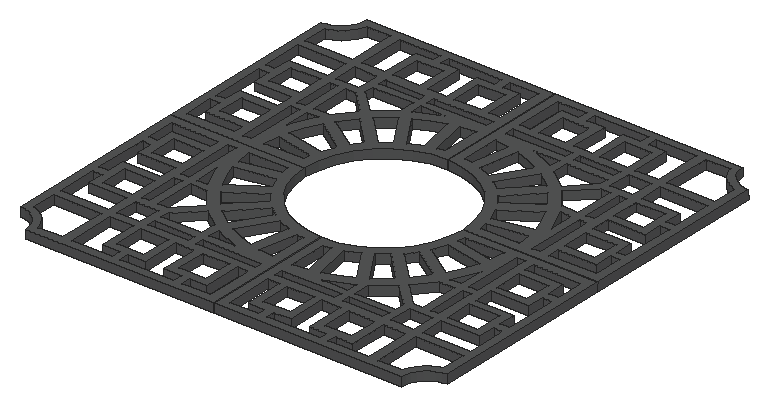
Revit family "Приствольная решётка (квадратная) Р-08", category Антураж, Revit 2017
Family settings
  На основе рабочей плоскости = Нет
  Всегда вертикально = Да
  При загрузке вырезать с полостями = Нет
  Источник визуального образа = Геометрия семейства
  Общий = Нет
  Точка расчета площади = Нет
Parameters (values of type "Приствольная решётка (квадратная) Р-08 1200x1200")
  Изготовитель = "ООО \"Хоббика\""
  Высота = 0 mm
  URL = "https://hobbyka.ru/product/pristvolnaya_reshetka_kvadratnaya_r08/?sphrase_id=70598"
  ADSK_Размер_Ширина = 1200 mm
  ADSK_Размер_Длина = 1200 mm
  ADSK_Размер_Высота = 25 mm
  ADSK_Наименование = "Приствольная решётка (квадратная) Р-08"
  ADSK_Материал решетки = Чугун, серый
  ADSK_Код изделия = "10270"
  1200x1200 = yes
  1000х1000 = no
Types (3, lengths in mm): name | ADSK_Размер_Ширина | ADSK_Размер_Длина | 1000х1000
  (no name) | 1200 | 1200 | no
  Приствольная решётка (квадратная) Р-08 1000x1000 | 1000 | 1000 | yes
  Приствольная решётка (квадратная) Р-08 1200x1200 | 1200 | 1200 | no
Reference planes
  plane 1 "По центру (Вперед/Назад)": y = 0
  plane 2: z = 0
  plane 3 "По центру (Влево/Вправо)": x = 0
Forms (mm)
  Extrusion 1, solid, material "Чугун, серый" <- "ADSK_Материал решетки", visible <- "1000х1000"
    sketch origin (0, 0, 0) x (1, 0, 0) y (0, 1, 0)
      loop
        line (185, 0) -> (500, 0) -> (500, 440)
        arc (500, 440) -> (457.574, 457.574) -> (440, 500) r 60
        line (440, 500) -> (0, 500) -> (0, 185)
        arc (0, 185) -> (130.815, 130.815) -> (185, 0) r 185
      loop
        line (131, 367.73) -> (131, 438.506) -> (67, 438.506) -> (67, 367.73) -> (131, 367.73)
      loop
        line (149, 458) -> (149, 367.73) -> (193, 367.73) -> (193, 458) -> (234, 458) -> (234, 480) -> (108, 480) -> (108, 458) -> (149, 458)
      loop
        line (49, 458) -> (90, 458) -> (90, 480) -> (22, 480) -> (22, 367.73) -> (49, 367.73) -> (49, 458)
      loop
        line (211, 438.506) -> (211, 367.73) -> (275, 367.73) -> (275, 438.506) -> (211, 438.506)
      loop
        line (293, 367.73) -> (347.73, 367.73) -> (347.73, 480) -> (252, 480) -> (252, 458) -> (293, 458) -> (293, 367.73)
      loop
        line (367.73, 480) -> (367.73, 367.73) -> (480, 367.73) -> (480, 422.54)
        arc (480, 422.54) -> (443.431, 443.431) -> (422.54, 480) r 80
        line (422.54, 480) -> (367.73, 480)
      loop
        line (22, 347.73) -> (22, 328) -> (162, 328) -> (162, 347.73) -> (22, 347.73)
      loop
        line (180, 347.73) -> (180, 328) -> (275, 328) -> (275, 347.73) -> (180, 347.73)
      loop
        line (293, 347.73) -> (293, 293) -> (348, 293) -> (348, 347.73) -> (293, 347.73)
      loop
        line (367.73, 275) -> (367.73, 211) -> (438.505, 211) -> (438.505, 275) -> (367.73, 275)
      loop
        line (367.73, 131) -> (367.73, 67) -> (438.505, 67) -> (438.505, 131) -> (367.73, 131)
      loop
        line (328, 162) -> (328, 22) -> (348, 22) -> (348, 162) -> (328, 162)
      loop
        line (328, 275) -> (328, 180) -> (348, 180) -> (348, 275) -> (328, 275)
      loop
        line (367.73, 347.73) -> (367.73, 293) -> (457.406, 293) -> (457.406, 252) -> (480, 252) -> (480, 347.73) -> (367.73, 347.73)
      loop
        line (457.406, 193) -> (367.73, 193) -> (367.73, 149) -> (457.406, 149) -> (457.406, 108) -> (480, 108) -> (480, 234) -> (457.406, 234) -> (457.406, 193)
      loop
        line (480, 22) -> (480, 90) -> (457.406, 90) -> (457.406, 49) -> (367.73, 49) -> (367.73, 22) -> (480, 22)
      loop
        line (310, 180) -> (310, 275) -> (287.619, 275) -> (236.848, 224.228)
        arc (236.848, 224.228) -> (255.375, 202.876) -> (271.984, 180) r 326.152
        line (271.984, 180) -> (310, 180)
      loop
        arc (283.074, 162) -> (298.083, 132.37) -> (310, 101.366) r 326.152
        line (310, 101.366) -> (310, 162) -> (283.074, 162)
      loop
        line (275, 287.619) -> (275, 310) -> (180, 310) -> (180, 271.984)
        arc (180, 271.984) -> (202.876, 255.375) -> (224.228, 236.848) r 326.152
        line (224.228, 236.848) -> (275, 287.619)
      loop
        line (162, 283.074) -> (162, 310) -> (101.366, 310)
        arc (101.366, 310) -> (132.37, 298.083) -> (162, 283.074) r 326.152
      loop
        line (208.844, 22) -> (299.192, 22)
        arc (299.192, 22) -> (297.275, 40.34) -> (294.236, 58.527) r 300
        line (294.236, 58.527) -> (205.965, 40.969)
        arc (205.965, 40.969) -> (207.621, 31.517) -> (208.844, 22) r 210
      loop
        line (22, 299.192) -> (22, 208.844)
        arc (22, 208.844) -> (31.517, 207.621) -> (40.969, 205.965) r 210
        line (40.969, 205.965) -> (58.527, 294.236)
        arc (58.527, 294.236) -> (40.34, 297.275) -> (22, 299.192) r 300
      loop
        line (81.703, 288.66) -> (64.065, 199.989)
        arc (64.065, 199.989) -> (80.601, 193.916) -> (96.569, 186.479) r 210
        line (96.569, 186.479) -> (146.17, 261.982)
        arc (146.17, 261.982) -> (114.715, 277.201) -> (81.703, 288.66) r 300
      loop
        line (166.671, 249.441) -> (116.67, 174.609)
        arc (116.67, 174.609) -> (128.569, 166.042) -> (139.841, 156.667) r 210
        line (139.841, 156.667) -> (203.552, 220.378)
        arc (203.552, 220.378) -> (185.681, 235.632) -> (166.671, 249.441) r 300
      loop
        arc (156.667, 139.841) -> (166.042, 128.569) -> (174.609, 116.67) r 210
        line (174.609, 116.67) -> (249.441, 166.671)
        arc (249.441, 166.671) -> (235.632, 185.681) -> (220.378, 203.552) r 300
        line (220.378, 203.552) -> (156.667, 139.841)
      loop
        line (261.886, 146.341) -> (186.715, 96.113)
        arc (186.715, 96.113) -> (194.113, 80.126) -> (200.145, 63.576) r 210
        line (200.145, 63.576) -> (288.607, 81.891)
        arc (288.607, 81.891) -> (277.126, 114.895) -> (261.886, 146.341) r 300
    from 0 to 25
  Extrusion 2, solid, material "Чугун, серый" <- "ADSK_Материал решетки", visible <- "1000х1000"
    sketch origin (0, 0, 0) x (-1, 0, 0) y (0, -1, 0)
      loop
        arc (185, 0) -> (130.815, -130.815) -> (0, -185) r 185
        line (0, -185) -> (0, -500) -> (440, -500)
        arc (440, -500) -> (457.574, -457.574) -> (500, -440) r 60
        line (500, -440) -> (500, 0) -> (185, 0)
      loop
        line (131, -367.73) -> (67, -367.73) -> (67, -438.506) -> (131, -438.506) -> (131, -367.73)
      loop
        line (149, -458) -> (108, -458) -> (108, -480) -> (234, -480) -> (234, -458) -> (193, -458) -> (193, -367.73) -> (149, -367.73) -> (149, -458)
      loop
        line (49, -458) -> (49, -367.73) -> (22, -367.73) -> (22, -480) -> (90, -480) -> (90, -458) -> (49, -458)
      loop
        line (211, -438.506) -> (275, -438.506) -> (275, -367.73) -> (211, -367.73) -> (211, -438.506)
      loop
        line (293, -367.73) -> (293, -458) -> (252, -458) -> (252, -480) -> (347.73, -480) -> (347.73, -367.73) -> (293, -367.73)
      loop
        line (367.73, -480) -> (422.54, -480)
        arc (422.54, -480) -> (443.431, -443.431) -> (480, -422.54) r 80
        line (480, -422.54) -> (480, -367.73) -> (367.73, -367.73) -> (367.73, -480)
      loop
        line (22, -347.73) -> (162, -347.73) -> (162, -328) -> (22, -328) -> (22, -347.73)
      loop
        line (180, -347.73) -> (275, -347.73) -> (275, -328) -> (180, -328) -> (180, -347.73)
      loop
        line (293, -347.73) -> (348, -347.73) -> (348, -293) -> (293, -293) -> (293, -347.73)
      loop
        line (367.73, -275) -> (438.505, -275) -> (438.505, -211) -> (367.73, -211) -> (367.73, -275)
      loop
        line (367.73, -131) -> (438.505, -131) -> (438.505, -67) -> (367.73, -67) -> (367.73, -131)
      loop
        line (328, -162) -> (348, -162) -> (348, -22) -> (328, -22) -> (328, -162)
      loop
        line (328, -275) -> (348, -275) -> (348, -180) -> (328, -180) -> (328, -275)
      loop
        line (367.73, -347.73) -> (480, -347.73) -> (480, -252) -> (457.406, -252) -> (457.406, -293) -> (367.73, -293) -> (367.73, -347.73)
      loop
        line (457.406, -193) -> (457.406, -234) -> (480, -234) -> (480, -108) -> (457.406, -108) -> (457.406, -149) -> (367.73, -149) -> (367.73, -193) -> (457.406, -193)
      loop
        line (480, -22) -> (367.73, -22) -> (367.73, -49) -> (457.406, -49) -> (457.406, -90) -> (480, -90) -> (480, -22)
      loop
        line (310, -180) -> (271.984, -180)
        arc (271.984, -180) -> (255.375, -202.876) -> (236.848, -224.228) r 326.152
        line (236.848, -224.228) -> (287.619, -275) -> (310, -275) -> (310, -180)
      loop
        line (283.074, -162) -> (310, -162) -> (310, -101.366)
        arc (310, -101.366) -> (298.083, -132.37) -> (283.074, -162) r 326.152
      loop
        line (275, -287.619) -> (224.228, -236.848)
        arc (224.228, -236.848) -> (202.876, -255.375) -> (180, -271.984) r 326.152
        line (180, -271.984) -> (180, -310) -> (275, -310) -> (275, -287.619)
      loop
        arc (162, -283.074) -> (132.37, -298.083) -> (101.366, -310) r 326.152
        line (101.366, -310) -> (162, -310) -> (162, -283.074)
      loop
        arc (208.844, -22) -> (207.621, -31.517) -> (205.965, -40.969) r 210
        line (205.965, -40.969) -> (294.236, -58.527)
        arc (294.236, -58.527) -> (297.275, -40.34) -> (299.192, -22) r 300
        line (299.192, -22) -> (208.844, -22)
      loop
        arc (22, -299.192) -> (40.34, -297.275) -> (58.527, -294.236) r 300
        line (58.527, -294.236) -> (40.969, -205.965)
        arc (40.969, -205.965) -> (31.517, -207.621) -> (22, -208.844) r 210
        line (22, -208.844) -> (22, -299.192)
      loop
        arc (81.703, -288.66) -> (114.715, -277.201) -> (146.17, -261.982) r 300
        line (146.17, -261.982) -> (96.569, -186.479)
        arc (96.569, -186.479) -> (80.601, -193.916) -> (64.065, -199.989) r 210
        line (64.065, -199.989) -> (81.703, -288.66)
      loop
        arc (166.671, -249.441) -> (185.681, -235.632) -> (203.552, -220.378) r 300
        line (203.552, -220.378) -> (139.841, -156.667)
        arc (139.841, -156.667) -> (128.569, -166.042) -> (116.67, -174.609) r 210
        line (116.67, -174.609) -> (166.671, -249.441)
      loop
        line (156.667, -139.841) -> (220.378, -203.552)
        arc (220.378, -203.552) -> (235.632, -185.681) -> (249.441, -166.671) r 300
        line (249.441, -166.671) -> (174.609, -116.67)
        arc (174.609, -116.67) -> (166.042, -128.569) -> (156.667, -139.841) r 210
      loop
        arc (261.886, -146.341) -> (277.126, -114.895) -> (288.607, -81.891) r 300
        line (288.607, -81.891) -> (200.145, -63.576)
        arc (200.145, -63.576) -> (194.113, -80.126) -> (186.715, -96.113) r 210
        line (186.715, -96.113) -> (261.886, -146.341)
    from 0 to 25
  Extrusion 3, solid, material "Чугун, серый" <- "ADSK_Материал решетки", visible <- "1000х1000"
    sketch origin (0, 0, 0) x (1, 0, 0) y (0, 1, 0)
      loop
        arc (185, 0) -> (130.815, -130.815) -> (0, -185) r 185
        line (0, -185) -> (0, -500) -> (440, -500)
        arc (440, -500) -> (457.574, -457.574) -> (500, -440) r 60
        line (500, -440) -> (500, 0) -> (185, 0)
      loop
        line (131, -367.73) -> (67, -367.73) -> (67, -438.506) -> (131, -438.506) -> (131, -367.73)
      loop
        line (149, -458) -> (108, -458) -> (108, -480) -> (234, -480) -> (234, -458) -> (193, -458) -> (193, -367.73) -> (149, -367.73) -> (149, -458)
      loop
        line (49, -458) -> (49, -367.73) -> (22, -367.73) -> (22, -480) -> (90, -480) -> (90, -458) -> (49, -458)
      loop
        line (211, -438.506) -> (275, -438.506) -> (275, -367.73) -> (211, -367.73) -> (211, -438.506)
      loop
        line (293, -367.73) -> (293, -458) -> (252, -458) -> (252, -480) -> (347.73, -480) -> (347.73, -367.73) -> (293, -367.73)
      loop
        line (367.73, -480) -> (422.54, -480)
        arc (422.54, -480) -> (443.431, -443.431) -> (480, -422.54) r 80
        line (480, -422.54) -> (480, -367.73) -> (367.73, -367.73) -> (367.73, -480)
      loop
        line (22, -347.73) -> (162, -347.73) -> (162, -328) -> (22, -328) -> (22, -347.73)
      loop
        line (180, -347.73) -> (275, -347.73) -> (275, -328) -> (180, -328) -> (180, -347.73)
      loop
        line (293, -347.73) -> (348, -347.73) -> (348, -293) -> (293, -293) -> (293, -347.73)
      loop
        line (367.73, -275) -> (438.505, -275) -> (438.505, -211) -> (367.73, -211) -> (367.73, -275)
      loop
        line (367.73, -131) -> (438.505, -131) -> (438.505, -67) -> (367.73, -67) -> (367.73, -131)
      loop
        line (328, -162) -> (348, -162) -> (348, -22) -> (328, -22) -> (328, -162)
      loop
        line (328, -275) -> (348, -275) -> (348, -180) -> (328, -180) -> (328, -275)
      loop
        line (367.73, -347.73) -> (480, -347.73) -> (480, -252) -> (457.406, -252) -> (457.406, -293) -> (367.73, -293) -> (367.73, -347.73)
      loop
        line (457.406, -193) -> (457.406, -234) -> (480, -234) -> (480, -108) -> (457.406, -108) -> (457.406, -149) -> (367.73, -149) -> (367.73, -193) -> (457.406, -193)
      loop
        line (480, -22) -> (367.73, -22) -> (367.73, -49) -> (457.406, -49) -> (457.406, -90) -> (480, -90) -> (480, -22)
      loop
        line (310, -180) -> (271.984, -180)
        arc (271.984, -180) -> (255.375, -202.876) -> (236.848, -224.228) r 326.152
        line (236.848, -224.228) -> (287.619, -275) -> (310, -275) -> (310, -180)
      loop
        line (283.074, -162) -> (310, -162) -> (310, -101.366)
        arc (310, -101.366) -> (298.083, -132.37) -> (283.074, -162) r 326.152
      loop
        line (275, -287.619) -> (224.228, -236.848)
        arc (224.228, -236.848) -> (202.876, -255.375) -> (180, -271.984) r 326.152
        line (180, -271.984) -> (180, -310) -> (275, -310) -> (275, -287.619)
      loop
        arc (162, -283.074) -> (132.37, -298.083) -> (101.366, -310) r 326.152
        line (101.366, -310) -> (162, -310) -> (162, -283.074)
      loop
        arc (208.844, -22) -> (207.621, -31.517) -> (205.965, -40.969) r 210
        line (205.965, -40.969) -> (294.236, -58.527)
        arc (294.236, -58.527) -> (297.275, -40.34) -> (299.192, -22) r 300
        line (299.192, -22) -> (208.844, -22)
      loop
        arc (22, -299.192) -> (40.34, -297.275) -> (58.527, -294.236) r 300
        line (58.527, -294.236) -> (40.969, -205.965)
        arc (40.969, -205.965) -> (31.517, -207.621) -> (22, -208.844) r 210
        line (22, -208.844) -> (22, -299.192)
      loop
        arc (81.703, -288.66) -> (114.715, -277.201) -> (146.17, -261.982) r 300
        line (146.17, -261.982) -> (96.569, -186.479)
        arc (96.569, -186.479) -> (80.601, -193.916) -> (64.065, -199.989) r 210
        line (64.065, -199.989) -> (81.703, -288.66)
      loop
        arc (166.671, -249.441) -> (185.681, -235.632) -> (203.552, -220.378) r 300
        line (203.552, -220.378) -> (139.841, -156.667)
        arc (139.841, -156.667) -> (128.569, -166.042) -> (116.67, -174.609) r 210
        line (116.67, -174.609) -> (166.671, -249.441)
      loop
        line (156.667, -139.841) -> (220.378, -203.552)
        arc (220.378, -203.552) -> (235.632, -185.681) -> (249.441, -166.671) r 300
        line (249.441, -166.671) -> (174.609, -116.67)
        arc (174.609, -116.67) -> (166.042, -128.569) -> (156.667, -139.841) r 210
      loop
        arc (261.886, -146.341) -> (277.126, -114.895) -> (288.607, -81.891) r 300
        line (288.607, -81.891) -> (200.145, -63.576)
        arc (200.145, -63.576) -> (194.113, -80.126) -> (186.715, -96.113) r 210
        line (186.715, -96.113) -> (261.886, -146.341)
    from 0 to 25
  Extrusion 4, solid, material "Чугун, серый" <- "ADSK_Материал решетки", visible <- "1000х1000"
    sketch origin (0, 0, 0) x (-1, 0, 0) y (0, -1, 0)
      loop
        line (185, 0) -> (500, 0) -> (500, 440)
        arc (500, 440) -> (457.574, 457.574) -> (440, 500) r 60
        line (440, 500) -> (0, 500) -> (0, 185)
        arc (0, 185) -> (130.815, 130.815) -> (185, 0) r 185
      loop
        line (131, 367.73) -> (131, 438.506) -> (67, 438.506) -> (67, 367.73) -> (131, 367.73)
      loop
        line (149, 458) -> (149, 367.73) -> (193, 367.73) -> (193, 458) -> (234, 458) -> (234, 480) -> (108, 480) -> (108, 458) -> (149, 458)
      loop
        line (49, 458) -> (90, 458) -> (90, 480) -> (22, 480) -> (22, 367.73) -> (49, 367.73) -> (49, 458)
      loop
        line (211, 438.506) -> (211, 367.73) -> (275, 367.73) -> (275, 438.506) -> (211, 438.506)
      loop
        line (293, 367.73) -> (347.73, 367.73) -> (347.73, 480) -> (252, 480) -> (252, 458) -> (293, 458) -> (293, 367.73)
      loop
        line (367.73, 480) -> (367.73, 367.73) -> (480, 367.73) -> (480, 422.54)
        arc (480, 422.54) -> (443.431, 443.431) -> (422.54, 480) r 80
        line (422.54, 480) -> (367.73, 480)
      loop
        line (22, 347.73) -> (22, 328) -> (162, 328) -> (162, 347.73) -> (22, 347.73)
      loop
        line (180, 347.73) -> (180, 328) -> (275, 328) -> (275, 347.73) -> (180, 347.73)
      loop
        line (293, 347.73) -> (293, 293) -> (348, 293) -> (348, 347.73) -> (293, 347.73)
      loop
        line (367.73, 275) -> (367.73, 211) -> (438.505, 211) -> (438.505, 275) -> (367.73, 275)
      loop
        line (367.73, 131) -> (367.73, 67) -> (438.505, 67) -> (438.505, 131) -> (367.73, 131)
      loop
        line (328, 162) -> (328, 22) -> (348, 22) -> (348, 162) -> (328, 162)
      loop
        line (328, 275) -> (328, 180) -> (348, 180) -> (348, 275) -> (328, 275)
      loop
        line (367.73, 347.73) -> (367.73, 293) -> (457.406, 293) -> (457.406, 252) -> (480, 252) -> (480, 347.73) -> (367.73, 347.73)
      loop
        line (457.406, 193) -> (367.73, 193) -> (367.73, 149) -> (457.406, 149) -> (457.406, 108) -> (480, 108) -> (480, 234) -> (457.406, 234) -> (457.406, 193)
      loop
        line (480, 22) -> (480, 90) -> (457.406, 90) -> (457.406, 49) -> (367.73, 49) -> (367.73, 22) -> (480, 22)
      loop
        line (310, 180) -> (310, 275) -> (287.619, 275) -> (236.848, 224.228)
        arc (236.848, 224.228) -> (255.375, 202.876) -> (271.984, 180) r 326.152
        line (271.984, 180) -> (310, 180)
      loop
        arc (283.074, 162) -> (298.083, 132.37) -> (310, 101.366) r 326.152
        line (310, 101.366) -> (310, 162) -> (283.074, 162)
      loop
        line (275, 287.619) -> (275, 310) -> (180, 310) -> (180, 271.984)
        arc (180, 271.984) -> (202.876, 255.375) -> (224.228, 236.848) r 326.152
        line (224.228, 236.848) -> (275, 287.619)
      loop
        line (162, 283.074) -> (162, 310) -> (101.366, 310)
        arc (101.366, 310) -> (132.37, 298.083) -> (162, 283.074) r 326.152
      loop
        line (208.844, 22) -> (299.192, 22)
        arc (299.192, 22) -> (297.275, 40.34) -> (294.236, 58.527) r 300
        line (294.236, 58.527) -> (205.965, 40.969)
        arc (205.965, 40.969) -> (207.621, 31.517) -> (208.844, 22) r 210
      loop
        line (22, 299.192) -> (22, 208.844)
        arc (22, 208.844) -> (31.517, 207.621) -> (40.969, 205.965) r 210
        line (40.969, 205.965) -> (58.527, 294.236)
        arc (58.527, 294.236) -> (40.34, 297.275) -> (22, 299.192) r 300
      loop
        line (81.703, 288.66) -> (64.065, 199.989)
        arc (64.065, 199.989) -> (80.601, 193.916) -> (96.569, 186.479) r 210
        line (96.569, 186.479) -> (146.17, 261.982)
        arc (146.17, 261.982) -> (114.715, 277.201) -> (81.703, 288.66) r 300
      loop
        line (166.671, 249.441) -> (116.67, 174.609)
        arc (116.67, 174.609) -> (128.569, 166.042) -> (139.841, 156.667) r 210
        line (139.841, 156.667) -> (203.552, 220.378)
        arc (203.552, 220.378) -> (185.681, 235.632) -> (166.671, 249.441) r 300
      loop
        arc (156.667, 139.841) -> (166.042, 128.569) -> (174.609, 116.67) r 210
        line (174.609, 116.67) -> (249.441, 166.671)
        arc (249.441, 166.671) -> (235.632, 185.681) -> (220.378, 203.552) r 300
        line (220.378, 203.552) -> (156.667, 139.841)
      loop
        line (261.886, 146.341) -> (186.715, 96.113)
        arc (186.715, 96.113) -> (194.113, 80.126) -> (200.145, 63.576) r 210
        line (200.145, 63.576) -> (288.607, 81.891)
        arc (288.607, 81.891) -> (277.126, 114.895) -> (261.886, 146.341) r 300
    from 0 to 25
  Extrusion 5, solid, material "Чугун, серый" <- "ADSK_Материал решетки", visible <- "1200x1200"
    sketch origin (0, 0, 0) x (1, 0, 0) y (0, 1, 0)
      loop
        line (0, 600) -> (0, 222)
        arc (0, 222) -> (156.978, 156.978) -> (222, 0) r 222
        line (222, 0) -> (600, 0) -> (600, 528)
        arc (600, 528) -> (549.088, 549.088) -> (528, 600) r 72
        line (528, 600) -> (0, 600)
      loop
        arc (576, 511.186) -> (534.946, 534.946) -> (511.186, 576) r 92
        line (511.186, 576) -> (441.276, 576) -> (441.276, 441.276) -> (576, 441.276) -> (576, 511.186)
      loop
        line (417.276, 576) -> (302.4, 576) -> (302.4, 549.6) -> (351.6, 549.6) -> (351.6, 441.276) -> (417.276, 441.276) -> (417.276, 576)
      loop
        line (280.8, 576) -> (129.6, 576) -> (129.6, 549.6) -> (178.8, 549.6) -> (178.8, 441.276) -> (231.6, 441.276) -> (231.6, 549.6) -> (280.8, 549.6) -> (280.8, 576)
      loop
        line (26.4, 576) -> (26.4, 441.276) -> (58.8, 441.276) -> (58.8, 549.6) -> (108, 549.6) -> (108, 576) -> (26.4, 576)
      loop
        line (80.4, 526.207) -> (80.4, 441.276) -> (157.2, 441.276) -> (157.2, 526.207) -> (80.4, 526.207)
      loop
        line (253.2, 526.207) -> (253.2, 441.276) -> (330, 441.276) -> (330, 526.207) -> (253.2, 526.207)
      loop
        line (26.4, 417.276) -> (26.4, 393.6) -> (194.4, 393.6) -> (194.4, 417.276) -> (26.4, 417.276)
      loop
        line (216, 417.276) -> (216, 393.6) -> (330, 393.6) -> (330, 417.276) -> (216, 417.276)
      loop
        line (351.6, 417.276) -> (351.6, 351.6) -> (417.276, 351.6) -> (417.276, 417.276) -> (351.6, 417.276)
      loop
        line (393.6, 330) -> (393.6, 216) -> (417.276, 216) -> (417.276, 330) -> (393.6, 330)
      loop
        line (393.6, 194.4) -> (393.6, 26.4) -> (417.276, 26.4) -> (417.276, 194.4) -> (393.6, 194.4)
      loop
        line (441.276, 417.276) -> (441.276, 351.6) -> (548.887, 351.6) -> (548.887, 302.4) -> (576, 302.4) -> (576, 417.276) -> (441.276, 417.276)
      loop
        line (526.207, 330) -> (441.276, 330) -> (441.276, 253.2) -> (526.207, 253.2) -> (526.207, 330)
      loop
        line (576, 280.8) -> (548.887, 280.8) -> (548.887, 231.6) -> (441.276, 231.6) -> (441.276, 178.8) -> (548.887, 178.8) -> (548.887, 129.6) -> (576, 129.6) -> (576, 280.8)
      loop
        line (526.207, 157.2) -> (441.276, 157.2) -> (441.276, 80.4) -> (526.207, 80.4) -> (526.207, 157.2)
      loop
        line (576, 108) -> (548.887, 108) -> (548.887, 58.8) -> (441.276, 58.8) -> (441.276, 26.4) -> (576, 26.4) -> (576, 108)
      loop
        line (372, 121.64) -> (372, 194.4) -> (339.689, 194.4)
        arc (339.689, 194.4) -> (357.699, 158.844) -> (372, 121.64) r 391.382
      loop
        line (372, 216) -> (372, 330) -> (345.143, 330) -> (284.217, 269.074)
        arc (284.217, 269.074) -> (306.45, 243.452) -> (326.38, 216) r 391.382
        line (326.38, 216) -> (372, 216)
      loop
        line (330, 345.143) -> (330, 372) -> (216, 372) -> (216, 326.38)
        arc (216, 326.38) -> (243.452, 306.45) -> (269.074, 284.217) r 391.382
        line (269.074, 284.217) -> (330, 345.143)
      loop
        line (194.4, 339.689) -> (194.4, 372) -> (121.64, 372)
        arc (121.64, 372) -> (158.844, 357.699) -> (194.4, 339.689) r 391.382
      loop
        arc (359.031, 26.4) -> (356.731, 48.408) -> (353.083, 70.233) r 360
        line (353.083, 70.233) -> (245.196, 48.773)
        arc (245.196, 48.773) -> (247.153, 37.625) -> (248.602, 26.4) r 250
        line (248.602, 26.4) -> (359.031, 26.4)
      loop
        line (26.4, 359.031) -> (26.4, 248.602)
        arc (26.4, 248.602) -> (37.625, 247.153) -> (48.773, 245.196) r 250
        line (48.773, 245.196) -> (70.233, 353.083)
        arc (70.233, 353.083) -> (48.408, 356.731) -> (26.4, 359.031) r 360
      loop
        line (98.044, 346.392) -> (76.486, 238.012)
        arc (76.486, 238.012) -> (95.963, 230.849) -> (114.779, 222.094) r 250
        line (114.779, 222.094) -> (175.404, 314.378)
        arc (175.404, 314.378) -> (137.658, 332.641) -> (98.044, 346.392) r 360
      loop
        line (200.005, 299.329) -> (138.893, 207.867)
        arc (138.893, 207.867) -> (153.013, 197.704) -> (166.393, 186.583) r 250
        line (166.393, 186.583) -> (244.263, 264.453)
        arc (244.263, 264.453) -> (222.818, 282.758) -> (200.005, 299.329) r 360
      loop
        arc (186.583, 166.393) -> (197.704, 153.013) -> (207.867, 138.893) r 250
        line (207.867, 138.893) -> (299.329, 200.005)
        arc (299.329, 200.005) -> (282.758, 222.818) -> (264.453, 244.263) r 360
        line (264.453, 244.263) -> (186.583, 166.393)
      loop
        line (314.264, 175.609) -> (222.384, 114.217)
        arc (222.384, 114.217) -> (231.091, 95.379) -> (238.205, 75.883) r 250
        line (238.205, 75.883) -> (346.328, 98.269)
        arc (346.328, 98.269) -> (332.552, 137.874) -> (314.264, 175.609) r 360
    from 0 to 25
  Extrusion 6, solid, material "Чугун, серый" <- "ADSK_Материал решетки", visible <- "1200x1200"
    sketch origin (0, 0, 0) x (-1, 0, 0) y (0, -1, 0)
      loop
        line (0, -600) -> (528, -600)
        arc (528, -600) -> (549.088, -549.088) -> (600, -528) r 72
        line (600, -528) -> (600, 0) -> (222, 0)
        arc (222, 0) -> (156.978, -156.978) -> (0, -222) r 222
        line (0, -222) -> (0, -600)
      loop
        line (576, -511.186) -> (576, -441.276) -> (441.276, -441.276) -> (441.276, -576) -> (511.186, -576)
        arc (511.186, -576) -> (534.946, -534.946) -> (576, -511.186) r 92
      loop
        line (417.276, -576) -> (417.276, -441.276) -> (351.6, -441.276) -> (351.6, -549.6) -> (302.4, -549.6) -> (302.4, -576) -> (417.276, -576)
      loop
        line (280.8, -576) -> (280.8, -549.6) -> (231.6, -549.6) -> (231.6, -441.276) -> (178.8, -441.276) -> (178.8, -549.6) -> (129.6, -549.6) -> (129.6, -576) -> (280.8, -576)
      loop
        line (26.4, -576) -> (108, -576) -> (108, -549.6) -> (58.8, -549.6) -> (58.8, -441.276) -> (26.4, -441.276) -> (26.4, -576)
      loop
        line (80.4, -526.207) -> (157.2, -526.207) -> (157.2, -441.276) -> (80.4, -441.276) -> (80.4, -526.207)
      loop
        line (253.2, -526.207) -> (330, -526.207) -> (330, -441.276) -> (253.2, -441.276) -> (253.2, -526.207)
      loop
        line (26.4, -417.276) -> (194.4, -417.276) -> (194.4, -393.6) -> (26.4, -393.6) -> (26.4, -417.276)
      loop
        line (216, -417.276) -> (330, -417.276) -> (330, -393.6) -> (216, -393.6) -> (216, -417.276)
      loop
        line (351.6, -417.276) -> (417.276, -417.276) -> (417.276, -351.6) -> (351.6, -351.6) -> (351.6, -417.276)
      loop
        line (393.6, -330) -> (417.276, -330) -> (417.276, -216) -> (393.6, -216) -> (393.6, -330)
      loop
        line (393.6, -194.4) -> (417.276, -194.4) -> (417.276, -26.4) -> (393.6, -26.4) -> (393.6, -194.4)
      loop
        line (441.276, -417.276) -> (576, -417.276) -> (576, -302.4) -> (548.887, -302.4) -> (548.887, -351.6) -> (441.276, -351.6) -> (441.276, -417.276)
      loop
        line (526.207, -330) -> (526.207, -253.2) -> (441.276, -253.2) -> (441.276, -330) -> (526.207, -330)
      loop
        line (576, -280.8) -> (576, -129.6) -> (548.887, -129.6) -> (548.887, -178.8) -> (441.276, -178.8) -> (441.276, -231.6) -> (548.887, -231.6) -> (548.887, -280.8) -> (576, -280.8)
      loop
        line (526.207, -157.2) -> (526.207, -80.4) -> (441.276, -80.4) -> (441.276, -157.2) -> (526.207, -157.2)
      loop
        line (576, -108) -> (576, -26.4) -> (441.276, -26.4) -> (441.276, -58.8) -> (548.887, -58.8) -> (548.887, -108) -> (576, -108)
      loop
        arc (372, -121.64) -> (357.699, -158.844) -> (339.689, -194.4) r 391.382
        line (339.689, -194.4) -> (372, -194.4) -> (372, -121.64)
      loop
        line (372, -216) -> (326.38, -216)
        arc (326.38, -216) -> (306.45, -243.452) -> (284.217, -269.074) r 391.382
        line (284.217, -269.074) -> (345.143, -330) -> (372, -330) -> (372, -216)
      loop
        line (330, -345.143) -> (269.074, -284.217)
        arc (269.074, -284.217) -> (243.452, -306.45) -> (216, -326.38) r 391.382
        line (216, -326.38) -> (216, -372) -> (330, -372) -> (330, -345.143)
      loop
        arc (194.4, -339.689) -> (158.844, -357.699) -> (121.64, -372) r 391.382
        line (121.64, -372) -> (194.4, -372) -> (194.4, -339.689)
      loop
        line (359.031, -26.4) -> (248.602, -26.4)
        arc (248.602, -26.4) -> (247.153, -37.625) -> (245.196, -48.773) r 250
        line (245.196, -48.773) -> (353.083, -70.233)
        arc (353.083, -70.233) -> (356.731, -48.408) -> (359.031, -26.4) r 360
      loop
        arc (26.4, -359.031) -> (48.408, -356.731) -> (70.233, -353.083) r 360
        line (70.233, -353.083) -> (48.773, -245.196)
        arc (48.773, -245.196) -> (37.625, -247.153) -> (26.4, -248.602) r 250
        line (26.4, -248.602) -> (26.4, -359.031)
      loop
        arc (98.044, -346.392) -> (137.658, -332.641) -> (175.404, -314.378) r 360
        line (175.404, -314.378) -> (114.779, -222.094)
        arc (114.779, -222.094) -> (95.963, -230.849) -> (76.486, -238.012) r 250
        line (76.486, -238.012) -> (98.044, -346.392)
      loop
        arc (200.005, -299.329) -> (222.818, -282.758) -> (244.263, -264.453) r 360
        line (244.263, -264.453) -> (166.393, -186.583)
        arc (166.393, -186.583) -> (153.013, -197.704) -> (138.893, -207.867) r 250
        line (138.893, -207.867) -> (200.005, -299.329)
      loop
        line (186.583, -166.393) -> (264.453, -244.263)
        arc (264.453, -244.263) -> (282.758, -222.818) -> (299.329, -200.005) r 360
        line (299.329, -200.005) -> (207.867, -138.893)
        arc (207.867, -138.893) -> (197.704, -153.013) -> (186.583, -166.393) r 250
      loop
        arc (314.264, -175.609) -> (332.552, -137.874) -> (346.328, -98.269) r 360
        line (346.328, -98.269) -> (238.205, -75.883)
        arc (238.205, -75.883) -> (231.091, -95.379) -> (222.384, -114.217) r 250
        line (222.384, -114.217) -> (314.264, -175.609)
    from 0 to 25
  Extrusion 7, solid, material "Чугун, серый" <- "ADSK_Материал решетки", visible <- "1200x1200"
    sketch origin (0, 0, 0) x (1, 0, 0) y (0, 1, 0)
      loop
        line (0, -600) -> (528, -600)
        arc (528, -600) -> (549.088, -549.088) -> (600, -528) r 72
        line (600, -528) -> (600, 0) -> (222, 0)
        arc (222, 0) -> (156.978, -156.978) -> (0, -222) r 222
        line (0, -222) -> (0, -600)
      loop
        line (576, -511.186) -> (576, -441.276) -> (441.276, -441.276) -> (441.276, -576) -> (511.186, -576)
        arc (511.186, -576) -> (534.946, -534.946) -> (576, -511.186) r 92
      loop
        line (417.276, -576) -> (417.276, -441.276) -> (351.6, -441.276) -> (351.6, -549.6) -> (302.4, -549.6) -> (302.4, -576) -> (417.276, -576)
      loop
        line (280.8, -576) -> (280.8, -549.6) -> (231.6, -549.6) -> (231.6, -441.276) -> (178.8, -441.276) -> (178.8, -549.6) -> (129.6, -549.6) -> (129.6, -576) -> (280.8, -576)
      loop
        line (26.4, -576) -> (108, -576) -> (108, -549.6) -> (58.8, -549.6) -> (58.8, -441.276) -> (26.4, -441.276) -> (26.4, -576)
      loop
        line (80.4, -526.207) -> (157.2, -526.207) -> (157.2, -441.276) -> (80.4, -441.276) -> (80.4, -526.207)
      loop
        line (253.2, -526.207) -> (330, -526.207) -> (330, -441.276) -> (253.2, -441.276) -> (253.2, -526.207)
      loop
        line (26.4, -417.276) -> (194.4, -417.276) -> (194.4, -393.6) -> (26.4, -393.6) -> (26.4, -417.276)
      loop
        line (216, -417.276) -> (330, -417.276) -> (330, -393.6) -> (216, -393.6) -> (216, -417.276)
      loop
        line (351.6, -417.276) -> (417.276, -417.276) -> (417.276, -351.6) -> (351.6, -351.6) -> (351.6, -417.276)
      loop
        line (393.6, -330) -> (417.276, -330) -> (417.276, -216) -> (393.6, -216) -> (393.6, -330)
      loop
        line (393.6, -194.4) -> (417.276, -194.4) -> (417.276, -26.4) -> (393.6, -26.4) -> (393.6, -194.4)
      loop
        line (441.276, -417.276) -> (576, -417.276) -> (576, -302.4) -> (548.887, -302.4) -> (548.887, -351.6) -> (441.276, -351.6) -> (441.276, -417.276)
      loop
        line (526.207, -330) -> (526.207, -253.2) -> (441.276, -253.2) -> (441.276, -330) -> (526.207, -330)
      loop
        line (576, -280.8) -> (576, -129.6) -> (548.887, -129.6) -> (548.887, -178.8) -> (441.276, -178.8) -> (441.276, -231.6) -> (548.887, -231.6) -> (548.887, -280.8) -> (576, -280.8)
      loop
        line (526.207, -157.2) -> (526.207, -80.4) -> (441.276, -80.4) -> (441.276, -157.2) -> (526.207, -157.2)
      loop
        line (576, -108) -> (576, -26.4) -> (441.276, -26.4) -> (441.276, -58.8) -> (548.887, -58.8) -> (548.887, -108) -> (576, -108)
      loop
        arc (372, -121.64) -> (357.699, -158.844) -> (339.689, -194.4) r 391.382
        line (339.689, -194.4) -> (372, -194.4) -> (372, -121.64)
      loop
        line (372, -216) -> (326.38, -216)
        arc (326.38, -216) -> (306.45, -243.452) -> (284.217, -269.074) r 391.382
        line (284.217, -269.074) -> (345.143, -330) -> (372, -330) -> (372, -216)
      loop
        line (330, -345.143) -> (269.074, -284.217)
        arc (269.074, -284.217) -> (243.452, -306.45) -> (216, -326.38) r 391.382
        line (216, -326.38) -> (216, -372) -> (330, -372) -> (330, -345.143)
      loop
        arc (194.4, -339.689) -> (158.844, -357.699) -> (121.64, -372) r 391.382
        line (121.64, -372) -> (194.4, -372) -> (194.4, -339.689)
      loop
        line (359.031, -26.4) -> (248.602, -26.4)
        arc (248.602, -26.4) -> (247.153, -37.625) -> (245.196, -48.773) r 250
        line (245.196, -48.773) -> (353.083, -70.233)
        arc (353.083, -70.233) -> (356.731, -48.408) -> (359.031, -26.4) r 360
      loop
        arc (26.4, -359.031) -> (48.408, -356.731) -> (70.233, -353.083) r 360
        line (70.233, -353.083) -> (48.773, -245.196)
        arc (48.773, -245.196) -> (37.625, -247.153) -> (26.4, -248.602) r 250
        line (26.4, -248.602) -> (26.4, -359.031)
      loop
        arc (98.044, -346.392) -> (137.658, -332.641) -> (175.404, -314.378) r 360
        line (175.404, -314.378) -> (114.779, -222.094)
        arc (114.779, -222.094) -> (95.963, -230.849) -> (76.486, -238.012) r 250
        line (76.486, -238.012) -> (98.044, -346.392)
      loop
        arc (200.005, -299.329) -> (222.818, -282.758) -> (244.263, -264.453) r 360
        line (244.263, -264.453) -> (166.393, -186.583)
        arc (166.393, -186.583) -> (153.013, -197.704) -> (138.893, -207.867) r 250
        line (138.893, -207.867) -> (200.005, -299.329)
      loop
        line (186.583, -166.393) -> (264.453, -244.263)
        arc (264.453, -244.263) -> (282.758, -222.818) -> (299.329, -200.005) r 360
        line (299.329, -200.005) -> (207.867, -138.893)
        arc (207.867, -138.893) -> (197.704, -153.013) -> (186.583, -166.393) r 250
      loop
        arc (314.264, -175.609) -> (332.552, -137.874) -> (346.328, -98.269) r 360
        line (346.328, -98.269) -> (238.205, -75.883)
        arc (238.205, -75.883) -> (231.091, -95.379) -> (222.384, -114.217) r 250
        line (222.384, -114.217) -> (314.264, -175.609)
    from 0 to 25
  Extrusion 8, solid, material "Чугун, серый" <- "ADSK_Материал решетки", visible <- "1200x1200"
    sketch origin (0, 0, 0) x (-1, 0, 0) y (0, -1, 0)
      loop
        line (0, 600) -> (0, 222)
        arc (0, 222) -> (156.978, 156.978) -> (222, 0) r 222
        line (222, 0) -> (600, 0) -> (600, 528)
        arc (600, 528) -> (549.088, 549.088) -> (528, 600) r 72
        line (528, 600) -> (0, 600)
      loop
        arc (576, 511.186) -> (534.946, 534.946) -> (511.186, 576) r 92
        line (511.186, 576) -> (441.276, 576) -> (441.276, 441.276) -> (576, 441.276) -> (576, 511.186)
      loop
        line (417.276, 576) -> (302.4, 576) -> (302.4, 549.6) -> (351.6, 549.6) -> (351.6, 441.276) -> (417.276, 441.276) -> (417.276, 576)
      loop
        line (280.8, 576) -> (129.6, 576) -> (129.6, 549.6) -> (178.8, 549.6) -> (178.8, 441.276) -> (231.6, 441.276) -> (231.6, 549.6) -> (280.8, 549.6) -> (280.8, 576)
      loop
        line (26.4, 576) -> (26.4, 441.276) -> (58.8, 441.276) -> (58.8, 549.6) -> (108, 549.6) -> (108, 576) -> (26.4, 576)
      loop
        line (80.4, 526.207) -> (80.4, 441.276) -> (157.2, 441.276) -> (157.2, 526.207) -> (80.4, 526.207)
      loop
        line (253.2, 526.207) -> (253.2, 441.276) -> (330, 441.276) -> (330, 526.207) -> (253.2, 526.207)
      loop
        line (26.4, 417.276) -> (26.4, 393.6) -> (194.4, 393.6) -> (194.4, 417.276) -> (26.4, 417.276)
      loop
        line (216, 417.276) -> (216, 393.6) -> (330, 393.6) -> (330, 417.276) -> (216, 417.276)
      loop
        line (351.6, 417.276) -> (351.6, 351.6) -> (417.276, 351.6) -> (417.276, 417.276) -> (351.6, 417.276)
      loop
        line (393.6, 330) -> (393.6, 216) -> (417.276, 216) -> (417.276, 330) -> (393.6, 330)
      loop
        line (393.6, 194.4) -> (393.6, 26.4) -> (417.276, 26.4) -> (417.276, 194.4) -> (393.6, 194.4)
      loop
        line (441.276, 417.276) -> (441.276, 351.6) -> (548.887, 351.6) -> (548.887, 302.4) -> (576, 302.4) -> (576, 417.276) -> (441.276, 417.276)
      loop
        line (526.207, 330) -> (441.276, 330) -> (441.276, 253.2) -> (526.207, 253.2) -> (526.207, 330)
      loop
        line (576, 280.8) -> (548.887, 280.8) -> (548.887, 231.6) -> (441.276, 231.6) -> (441.276, 178.8) -> (548.887, 178.8) -> (548.887, 129.6) -> (576, 129.6) -> (576, 280.8)
      loop
        line (526.207, 157.2) -> (441.276, 157.2) -> (441.276, 80.4) -> (526.207, 80.4) -> (526.207, 157.2)
      loop
        line (576, 108) -> (548.887, 108) -> (548.887, 58.8) -> (441.276, 58.8) -> (441.276, 26.4) -> (576, 26.4) -> (576, 108)
      loop
        line (372, 121.64) -> (372, 194.4) -> (339.689, 194.4)
        arc (339.689, 194.4) -> (357.699, 158.844) -> (372, 121.64) r 391.382
      loop
        line (372, 216) -> (372, 330) -> (345.143, 330) -> (284.217, 269.074)
        arc (284.217, 269.074) -> (306.45, 243.452) -> (326.38, 216) r 391.382
        line (326.38, 216) -> (372, 216)
      loop
        line (330, 345.143) -> (330, 372) -> (216, 372) -> (216, 326.38)
        arc (216, 326.38) -> (243.452, 306.45) -> (269.074, 284.217) r 391.382
        line (269.074, 284.217) -> (330, 345.143)
      loop
        line (194.4, 339.689) -> (194.4, 372) -> (121.64, 372)
        arc (121.64, 372) -> (158.844, 357.699) -> (194.4, 339.689) r 391.382
      loop
        arc (359.031, 26.4) -> (356.731, 48.408) -> (353.083, 70.233) r 360
        line (353.083, 70.233) -> (245.196, 48.773)
        arc (245.196, 48.773) -> (247.153, 37.625) -> (248.602, 26.4) r 250
        line (248.602, 26.4) -> (359.031, 26.4)
      loop
        line (26.4, 359.031) -> (26.4, 248.602)
        arc (26.4, 248.602) -> (37.625, 247.153) -> (48.773, 245.196) r 250
        line (48.773, 245.196) -> (70.233, 353.083)
        arc (70.233, 353.083) -> (48.408, 356.731) -> (26.4, 359.031) r 360
      loop
        line (98.044, 346.392) -> (76.486, 238.012)
        arc (76.486, 238.012) -> (95.963, 230.849) -> (114.779, 222.094) r 250
        line (114.779, 222.094) -> (175.404, 314.378)
        arc (175.404, 314.378) -> (137.658, 332.641) -> (98.044, 346.392) r 360
      loop
        line (200.005, 299.329) -> (138.893, 207.867)
        arc (138.893, 207.867) -> (153.013, 197.704) -> (166.393, 186.583) r 250
        line (166.393, 186.583) -> (244.263, 264.453)
        arc (244.263, 264.453) -> (222.818, 282.758) -> (200.005, 299.329) r 360
      loop
        arc (186.583, 166.393) -> (197.704, 153.013) -> (207.867, 138.893) r 250
        line (207.867, 138.893) -> (299.329, 200.005)
        arc (299.329, 200.005) -> (282.758, 222.818) -> (264.453, 244.263) r 360
        line (264.453, 244.263) -> (186.583, 166.393)
      loop
        line (314.264, 175.609) -> (222.384, 114.217)
        arc (222.384, 114.217) -> (231.091, 95.379) -> (238.205, 75.883) r 250
        line (238.205, 75.883) -> (346.328, 98.269)
        arc (346.328, 98.269) -> (332.552, 137.874) -> (314.264, 175.609) r 360
    from 0 to 25
Dimensions and locks
  aligned and locked: level to plane 2
